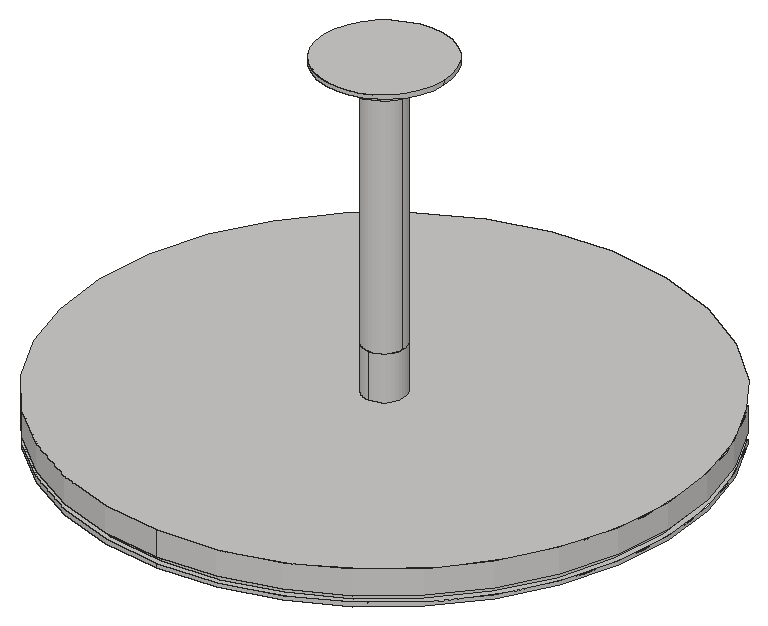
Revit family "060A", category Generic Models, Revit 2021
Family settings
  Can host rebar = No
  Round Connector Dimension = Use Diameter
  Part Type = Normal
  Work Plane-Based = No
  Always vertical = Yes
  Cut with Voids When Loaded = No
  Shared = No
  Room Calculation Point = No
Parameters (values of type "Standard")
  e-mail = "info@vola.com"
  URL = "http://vola.com"
  Telephone = "+45 7023 5500"
  Quality management standard = "ISO 9001"
  Organisation no. / DUNS no. = "17531328"
  Occupational health and safety management standard = "ISO 18001"
  Mounting Instructions = "http://vola.com/service/producturl.ashx?name=060A"
  Model = "060A"
  Materials and components information = "http://vola.com/service/producturl.ashx?name=060A"
  Manufacturer = "VOLA A/S"
  Maintenance Instructions = "http://vola.com/service/producturl.ashx?name=060A"
  Guarantee = "2 years"
  Flow = "22,00 l/min"
  Environmental management standard = "ISO 14000"
  Default Elevation = 0.00 mm
  Connection - All relevant connections = ""
  Approvals = "http://vola.com/service/producturl.ashx?name=060A"
Reference planes
  plane 1 "Center (Front/Back)": y = 0
  plane 2: z = 0
  plane 3 "Center (Left/Right)": x = 0
Forms (mm)
  Extrusion 1, solid, material "Stainless Steel"
    sketch origin (0, 0, -9.5) x (0, 1, 0) y (1, 0, 0)
      loop
        circle (0, 0) r 9.5
    from 0 to 118.5
  Extrusion 2, solid, material "Stainless Steel"
    sketch origin (-450, 0, -128) x (-1, 0, 0) y (0, 1, 0)
      loop
        circle (-450, 0) r 8.5
    from 0 to 0.2
  Extrusion 3, solid, material "Stainless Steel"
    sketch origin (-450, 0, -128.2) x (0, -1, 0) y (-1, 0, 0)
      loop
        circle (0, -450) r 9.5
    from 0 to 21.8
  Extrusion 4, solid, material "Stainless Steel"
    sketch origin (-450, 0, -150) x (1, 0, 0) y (0, -1, 0)
      loop
        circle (450, 0) r 143
    from 0 to 12
  Extrusion 5, solid, material "Stainless Steel"
    sketch origin (-450, 0, -162) x (0, 1, 0) y (1, 0, 0)
      loop
        circle (0, 450) r 140
    from 0 to 3
  Extrusion 6, solid, material "Stainless Steel"
    sketch origin (-450, 0, -165) x (-1, 0, 0) y (0, 1, 0)
      loop
        circle (-450, 0) r 143
    from 0 to 2
  Extrusion 7, solid, material "Stainless Steel"
    sketch origin (0, 0, -2) x (1, 0, 0) y (0, 1, 0)
      loop
        circle (0, 0) r 18
    from 0 to -7.5
  Extrusion 8, solid, material "Stainless Steel"
    sketch origin (0, 0, -2) x (1, 0, 0) y (0, 1, 0)
      loop
        circle (0, 0) r 30
    from 0 to 2
Dimensions and locks
  aligned and locked: plane 2 to level
Nested families
  nested 1: "Shower Detail Lines" at (0, 0, -167) x (0, 1, 0) z (0, 0, 1), type "Shower Detail Lines"
Definition of nested family "Shower Detail Lines"
  Parameters
    Default Elevation = 1219.20 mm
  Reference planes
    plane 1 "Center (Front/Back)": y = 0
    plane 2: z = 0
    plane 3 "Center (Left/Right)": x = 0
  Lines and regions (mm)
    model lines
      curve 1: line (-2, -24, 0) -> (2, -24, 0)
      curve 2: line (-2, -130, 0) -> (-2, -24, 0)
      curve 3: line (2, -130, 0) -> (-2, -130, 0)
      curve 4: line (2, -24, 0) -> (2, -130, 0)
      curve 5: circle (0, -27.479, 0) r 1.5 normal (0, 0, 1)
      curve 6: circle (0, -27.479, 0) r 0.5 normal (0, 0, 1)
      curve 7: circle (0, -36.479, 0) r 1.5 normal (0, 0, 1)
      curve 8: circle (0, -36.479, 0) r 0.5 normal (0, 0, 1)
      curve 9: circle (0, -45.479, 0) r 1.5 normal (0, 0, 1)
      curve 10: circle (0, -45.479, 0) r 0.5 normal (0, 0, 1)
      curve 11: circle (0, -54.479, 0) r 1.5 normal (0, 0, 1)
      curve 12: circle (0, -54.479, 0) r 0.5 normal (0, 0, 1)
      curve 13: circle (0, -63.479, 0) r 1.5 normal (0, 0, 1)
      curve 14: circle (0, -63.479, 0) r 0.5 normal (0, 0, 1)
      curve 15: circle (0, -72.479, 0) r 1.5 normal (0, 0, 1)
      curve 16: circle (0, -72.479, 0) r 0.5 normal (0, 0, 1)
      curve 17: circle (0, -81.479, 0) r 1.5 normal (0, 0, 1)
      curve 18: circle (0, -81.479, 0) r 0.5 normal (0, 0, 1)
      curve 19: circle (0, -90.479, 0) r 1.5 normal (0, 0, 1)
      curve 20: circle (0, -90.479, 0) r 0.5 normal (0, 0, 1)
      curve 21: circle (0, -99.479, 0) r 1.5 normal (0, 0, 1)
      curve 22: circle (0, -99.479, 0) r 0.5 normal (0, 0, 1)
      curve 23: circle (0, -108.479, 0) r 1.5 normal (0, 0, 1)
      curve 24: circle (0, -108.479, 0) r 0.5 normal (0, 0, 1)
      curve 25: circle (0, -117.479, 0) r 1.5 normal (0, 0, 1)
      curve 26: circle (0, -117.479, 0) r 0.5 normal (0, 0, 1)
      curve 27: circle (0, -126.479, 0) r 1.5 normal (0, 0, 1)
      curve 28: circle (0, -126.479, 0) r 0.5 normal (0, 0, 1)
      curve 29: line (6.329, -23.237, 0) -> (10.088, -21.869, 0)
      curve 30: line (42.583, -122.844, 0) -> (6.329, -23.237, 0)
      curve 31: line (46.342, -121.476, 0) -> (42.583, -122.844, 0)
      curve 32: line (10.088, -21.869, 0) -> (46.342, -121.476, 0)
      curve 33: circle (9.398, -25.822, 0) r 1.5 normal (0, 0, 1)
      curve 34: circle (9.398, -25.822, 0) r 0.5 normal (0, 0, 1)
      curve 35: circle (12.477, -34.279, 0) r 1.5 normal (0, 0, 1)
      curve 36: circle (12.477, -34.279, 0) r 0.5 normal (0, 0, 1)
      curve 37: circle (15.555, -42.736, 0) r 1.5 normal (0, 0, 1)
      curve 38: circle (15.555, -42.736, 0) r 0.5 normal (0, 0, 1)
      curve 39: circle (18.633, -51.193, 0) r 1.5 normal (0, 0, 1)
      curve 40: circle (18.633, -51.193, 0) r 0.5 normal (0, 0, 1)
      curve 41: circle (21.711, -59.651, 0) r 1.5 normal (0, 0, 1)
      curve 42: circle (21.711, -59.651, 0) r 0.5 normal (0, 0, 1)
      curve 43: circle (24.789, -68.108, 0) r 1.5 normal (0, 0, 1)
      curve 44: circle (24.789, -68.108, 0) r 0.5 normal (0, 0, 1)
      curve 45: circle (27.867, -76.565, 0) r 1.5 normal (0, 0, 1)
      curve 46: circle (27.867, -76.565, 0) r 0.5 normal (0, 0, 1)
      curve 47: circle (30.946, -85.022, 0) r 1.5 normal (0, 0, 1)
      curve 48: circle (30.946, -85.022, 0) r 0.5 normal (0, 0, 1)
      curve 49: circle (34.024, -93.48, 0) r 1.5 normal (0, 0, 1)
      curve 50: circle (34.024, -93.48, 0) r 0.5 normal (0, 0, 1)
      curve 51: circle (37.102, -101.937, 0) r 1.5 normal (0, 0, 1)
      curve 52: circle (37.102, -101.937, 0) r 0.5 normal (0, 0, 1)
      curve 53: circle (40.18, -110.394, 0) r 1.5 normal (0, 0, 1)
      curve 54: circle (40.18, -110.394, 0) r 0.5 normal (0, 0, 1)
      curve 55: circle (43.258, -118.851, 0) r 1.5 normal (0, 0, 1)
      curve 56: circle (43.258, -118.851, 0) r 0.5 normal (0, 0, 1)
      curve 57: line (13.895, -19.671, 0) -> (16.959, -17.099, 0)
      curve 58: line (82.03, -100.871, 0) -> (13.895, -19.671, 0)
      curve 59: line (85.094, -98.3, 0) -> (82.03, -100.871, 0)
      curve 60: line (16.959, -17.099, 0) -> (85.094, -98.3, 0)
      curve 61: circle (17.663, -21.05, 0) r 1.5 normal (0, 0, 1)
      curve 62: circle (17.663, -21.05, 0) r 0.5 normal (0, 0, 1)
      curve 63: circle (23.448, -27.944, 0) r 1.5 normal (0, 0, 1)
      curve 64: circle (23.448, -27.944, 0) r 0.5 normal (0, 0, 1)
      curve 65: circle (29.233, -34.839, 0) r 1.5 normal (0, 0, 1)
      curve 66: circle (29.233, -34.839, 0) r 0.5 normal (0, 0, 1)
      curve 67: circle (35.018, -41.733, 0) r 1.5 normal (0, 0, 1)
      curve 68: circle (35.018, -41.733, 0) r 0.5 normal (0, 0, 1)
      curve 69: circle (40.803, -48.628, 0) r 1.5 normal (0, 0, 1)
      curve 70: circle (40.803, -48.628, 0) r 0.5 normal (0, 0, 1)
      curve 71: circle (46.589, -55.522, 0) r 1.5 normal (0, 0, 1)
      curve 72: circle (46.589, -55.522, 0) r 0.5 normal (0, 0, 1)
      curve 73: circle (52.374, -62.416, 0) r 1.5 normal (0, 0, 1)
      curve 74: circle (52.374, -62.416, 0) r 0.5 normal (0, 0, 1)
      curve 75: circle (58.159, -69.311, 0) r 1.5 normal (0, 0, 1)
      curve 76: circle (58.159, -69.311, 0) r 0.5 normal (0, 0, 1)
      curve 77: circle (63.944, -76.205, 0) r 1.5 normal (0, 0, 1)
      curve 78: circle (63.944, -76.205, 0) r 0.5 normal (0, 0, 1)
      curve 79: circle (69.729, -83.1, 0) r 1.5 normal (0, 0, 1)
      curve 80: circle (69.729, -83.1, 0) r 0.5 normal (0, 0, 1)
      curve 81: circle (75.514, -89.994, 0) r 1.5 normal (0, 0, 1)
      curve 82: circle (75.514, -89.994, 0) r 0.5 normal (0, 0, 1)
      curve 83: circle (81.299, -96.888, 0) r 1.5 normal (0, 0, 1)
      curve 84: circle (81.299, -96.888, 0) r 0.5 normal (0, 0, 1)
      curve 85: line (19.785, -13.732, 0) -> (21.785, -10.268, 0)
      curve 86: line (111.583, -66.732, 0) -> (19.785, -13.732, 0)
      curve 87: line (113.583, -63.268, 0) -> (111.583, -66.732, 0)
      curve 88: line (21.785, -10.268, 0) -> (113.583, -63.268, 0)
      curve 89: circle (23.797, -13.739, 0) r 1.5 normal (0, 0, 1)
      curve 90: circle (23.797, -13.739, 0) r 0.5 normal (0, 0, 1)
      curve 91: circle (31.592, -18.239, 0) r 1.5 normal (0, 0, 1)
      curve 92: circle (31.592, -18.239, 0) r 0.5 normal (0, 0, 1)
      curve 93: circle (39.386, -22.739, 0) r 1.5 normal (0, 0, 1)
      curve 94: circle (39.386, -22.739, 0) r 0.5 normal (0, 0, 1)
      curve 95: circle (47.18, -27.239, 0) r 1.5 normal (0, 0, 1)
      curve 96: circle (47.18, -27.239, 0) r 0.5 normal (0, 0, 1)
      curve 97: circle (54.974, -31.739, 0) r 1.5 normal (0, 0, 1)
      curve 98: circle (54.974, -31.739, 0) r 0.5 normal (0, 0, 1)
      curve 99: circle (62.769, -36.239, 0) r 1.5 normal (0, 0, 1)
      curve 100: circle (62.769, -36.239, 0) r 0.5 normal (0, 0, 1)
      curve 101: circle (70.563, -40.739, 0) r 1.5 normal (0, 0, 1)
      curve 102: circle (70.563, -40.739, 0) r 0.5 normal (0, 0, 1)
      curve 103: circle (78.357, -45.239, 0) r 1.5 normal (0, 0, 1)
      curve 104: circle (78.357, -45.239, 0) r 0.5 normal (0, 0, 1)
      curve 105: circle (86.151, -49.739, 0) r 1.5 normal (0, 0, 1)
      curve 106: circle (86.151, -49.739, 0) r 0.5 normal (0, 0, 1)
      curve 107: circle (93.945, -54.239, 0) r 1.5 normal (0, 0, 1)
      curve 108: circle (93.945, -54.239, 0) r 0.5 normal (0, 0, 1)
      curve 109: circle (101.74, -58.739, 0) r 1.5 normal (0, 0, 1)
      curve 110: circle (101.74, -58.739, 0) r 0.5 normal (0, 0, 1)
      curve 111: circle (109.534, -63.239, 0) r 1.5 normal (0, 0, 1)
      curve 112: circle (109.534, -63.239, 0) r 0.5 normal (0, 0, 1)
      curve 113: line (23.288, -6.137, 0) -> (23.983, -2.198, 0)
      curve 114: line (127.678, -24.544, 0) -> (23.288, -6.137, 0)
      curve 115: line (128.372, -20.605, 0) -> (127.678, -24.544, 0)
      curve 116: line (23.983, -2.198, 0) -> (128.372, -20.605, 0)
      curve 117: circle (27.061, -4.772, 0) r 1.5 normal (0, 0, 1)
      curve 118: circle (27.061, -4.772, 0) r 0.5 normal (0, 0, 1)
      curve 119: circle (35.925, -6.334, 0) r 1.5 normal (0, 0, 1)
      curve 120: circle (35.925, -6.334, 0) r 0.5 normal (0, 0, 1)
      curve 121: circle (44.788, -7.897, 0) r 1.5 normal (0, 0, 1)
      curve 122: circle (44.788, -7.897, 0) r 0.5 normal (0, 0, 1)
      curve 123: circle (53.651, -9.46, 0) r 1.5 normal (0, 0, 1)
      curve 124: circle (53.651, -9.46, 0) r 0.5 normal (0, 0, 1)
      curve 125: circle (62.514, -11.023, 0) r 1.5 normal (0, 0, 1)
      curve 126: circle (62.514, -11.023, 0) r 0.5 normal (0, 0, 1)
      curve 127: circle (71.378, -12.586, 0) r 1.5 normal (0, 0, 1)
      curve 128: circle (71.378, -12.586, 0) r 0.5 normal (0, 0, 1)
      curve 129: circle (80.241, -14.149, 0) r 1.5 normal (0, 0, 1)
      curve 130: circle (80.241, -14.149, 0) r 0.5 normal (0, 0, 1)
      curve 131: circle (89.104, -15.711, 0) r 1.5 normal (0, 0, 1)
      curve 132: circle (89.104, -15.711, 0) r 0.5 normal (0, 0, 1)
      curve 133: circle (97.968, -17.274, 0) r 1.5 normal (0, 0, 1)
      curve 134: circle (97.968, -17.274, 0) r 0.5 normal (0, 0, 1)
      curve 135: circle (106.831, -18.837, 0) r 1.5 normal (0, 0, 1)
      curve 136: circle (106.831, -18.837, 0) r 0.5 normal (0, 0, 1)
      curve 137: circle (115.694, -20.4, 0) r 1.5 normal (0, 0, 1)
      curve 138: circle (115.694, -20.4, 0) r 0.5 normal (0, 0, 1)
      curve 139: circle (124.557, -21.963, 0) r 1.5 normal (0, 0, 1)
      curve 140: circle (124.557, -21.963, 0) r 0.5 normal (0, 0, 1)
      curve 141: line (23.983, 2.198, 0) -> (23.288, 6.137, 0)
      curve 142: line (128.372, 20.605, 0) -> (23.983, 2.198, 0)
      curve 143: line (127.678, 24.544, 0) -> (128.372, 20.605, 0)
      curve 144: line (23.288, 6.137, 0) -> (127.678, 24.544, 0)
      curve 145: circle (27.061, 4.772, 0) r 1.5 normal (0, 0, 1)
      curve 146: circle (27.061, 4.772, 0) r 0.5 normal (0, 0, 1)
      curve 147: circle (35.925, 6.334, 0) r 1.5 normal (0, 0, 1)
      curve 148: circle (35.925, 6.334, 0) r 0.5 normal (0, 0, 1)
      curve 149: circle (44.788, 7.897, 0) r 1.5 normal (0, 0, 1)
      curve 150: circle (44.788, 7.897, 0) r 0.5 normal (0, 0, 1)
      curve 151: circle (53.651, 9.46, 0) r 1.5 normal (0, 0, 1)
      curve 152: circle (53.651, 9.46, 0) r 0.5 normal (0, 0, 1)
      curve 153: circle (62.514, 11.023, 0) r 1.5 normal (0, 0, 1)
      curve 154: circle (62.514, 11.023, 0) r 0.5 normal (0, 0, 1)
      curve 155: circle (71.378, 12.586, 0) r 1.5 normal (0, 0, 1)
      curve 156: circle (71.378, 12.586, 0) r 0.5 normal (0, 0, 1)
      curve 157: circle (80.241, 14.149, 0) r 1.5 normal (0, 0, 1)
      curve 158: circle (80.241, 14.149, 0) r 0.5 normal (0, 0, 1)
      curve 159: circle (89.104, 15.711, 0) r 1.5 normal (0, 0, 1)
      curve 160: circle (89.104, 15.711, 0) r 0.5 normal (0, 0, 1)
      curve 161: circle (97.968, 17.274, 0) r 1.5 normal (0, 0, 1)
      curve 162: circle (97.968, 17.274, 0) r 0.5 normal (0, 0, 1)
      curve 163: circle (106.831, 18.837, 0) r 1.5 normal (0, 0, 1)
      curve 164: circle (106.831, 18.837, 0) r 0.5 normal (0, 0, 1)
      curve 165: circle (115.694, 20.4, 0) r 1.5 normal (0, 0, 1)
      curve 166: circle (115.694, 20.4, 0) r 0.5 normal (0, 0, 1)
      curve 167: circle (124.557, 21.963, 0) r 1.5 normal (0, 0, 1)
      curve 168: circle (124.557, 21.963, 0) r 0.5 normal (0, 0, 1)
      curve 169: line (21.785, 10.268, 0) -> (19.785, 13.732, 0)
      curve 170: line (113.583, 63.268, 0) -> (21.785, 10.268, 0)
      curve 171: line (111.583, 66.732, 0) -> (113.583, 63.268, 0)
      curve 172: line (19.785, 13.732, 0) -> (111.583, 66.732, 0)
      curve 173: circle (23.797, 13.739, 0) r 1.5 normal (0, 0, 1)
      curve 174: circle (23.797, 13.739, 0) r 0.5 normal (0, 0, 1)
      curve 175: circle (31.592, 18.239, 0) r 1.5 normal (0, 0, 1)
      curve 176: circle (31.592, 18.239, 0) r 0.5 normal (0, 0, 1)
      curve 177: circle (39.386, 22.739, 0) r 1.5 normal (0, 0, 1)
      curve 178: circle (39.386, 22.739, 0) r 0.5 normal (0, 0, 1)
      curve 179: circle (47.18, 27.239, 0) r 1.5 normal (0, 0, 1)
      curve 180: circle (47.18, 27.239, 0) r 0.5 normal (0, 0, 1)
      curve 181: circle (54.974, 31.739, 0) r 1.5 normal (0, 0, 1)
      curve 182: circle (54.974, 31.739, 0) r 0.5 normal (0, 0, 1)
      curve 183: circle (62.769, 36.239, 0) r 1.5 normal (0, 0, 1)
      curve 184: circle (62.769, 36.239, 0) r 0.5 normal (0, 0, 1)
      curve 185: circle (70.563, 40.739, 0) r 1.5 normal (0, 0, 1)
      curve 186: circle (70.563, 40.739, 0) r 0.5 normal (0, 0, 1)
      curve 187: circle (78.357, 45.239, 0) r 1.5 normal (0, 0, 1)
      curve 188: circle (78.357, 45.239, 0) r 0.5 normal (0, 0, 1)
      curve 189: circle (86.151, 49.739, 0) r 1.5 normal (0, 0, 1)
      curve 190: circle (86.151, 49.739, 0) r 0.5 normal (0, 0, 1)
      curve 191: circle (93.945, 54.239, 0) r 1.5 normal (0, 0, 1)
      curve 192: circle (93.945, 54.239, 0) r 0.5 normal (0, 0, 1)
      curve 193: circle (101.74, 58.739, 0) r 1.5 normal (0, 0, 1)
      curve 194: circle (101.74, 58.739, 0) r 0.5 normal (0, 0, 1)
      curve 195: circle (109.534, 63.239, 0) r 1.5 normal (0, 0, 1)
      curve 196: circle (109.534, 63.239, 0) r 0.5 normal (0, 0, 1)
      curve 197: line (16.959, 17.099, 0) -> (13.895, 19.671, 0)
      curve 198: line (85.094, 98.3, 0) -> (16.959, 17.099, 0)
      curve 199: line (82.03, 100.871, 0) -> (85.094, 98.3, 0)
      curve 200: line (13.895, 19.671, 0) -> (82.03, 100.871, 0)
      curve 201: circle (17.663, 21.05, 0) r 1.5 normal (0, 0, 1)
      curve 202: circle (17.663, 21.05, 0) r 0.5 normal (0, 0, 1)
      curve 203: circle (23.448, 27.944, 0) r 1.5 normal (0, 0, 1)
      curve 204: circle (23.448, 27.944, 0) r 0.5 normal (0, 0, 1)
      curve 205: circle (29.233, 34.839, 0) r 1.5 normal (0, 0, 1)
      curve 206: circle (29.233, 34.839, 0) r 0.5 normal (0, 0, 1)
      curve 207: circle (35.018, 41.733, 0) r 1.5 normal (0, 0, 1)
      curve 208: circle (35.018, 41.733, 0) r 0.5 normal (0, 0, 1)
      curve 209: circle (40.803, 48.628, 0) r 1.5 normal (0, 0, 1)
      curve 210: circle (40.803, 48.628, 0) r 0.5 normal (0, 0, 1)
      curve 211: circle (46.589, 55.522, 0) r 1.5 normal (0, 0, 1)
      curve 212: circle (46.589, 55.522, 0) r 0.5 normal (0, 0, 1)
      curve 213: circle (52.374, 62.416, 0) r 1.5 normal (0, 0, 1)
      curve 214: circle (52.374, 62.416, 0) r 0.5 normal (0, 0, 1)
      curve 215: circle (58.159, 69.311, 0) r 1.5 normal (0, 0, 1)
      curve 216: circle (58.159, 69.311, 0) r 0.5 normal (0, 0, 1)
      curve 217: circle (63.944, 76.205, 0) r 1.5 normal (0, 0, 1)
      curve 218: circle (63.944, 76.205, 0) r 0.5 normal (0, 0, 1)
      curve 219: circle (69.729, 83.1, 0) r 1.5 normal (0, 0, 1)
      curve 220: circle (69.729, 83.1, 0) r 0.5 normal (0, 0, 1)
      curve 221: circle (75.514, 89.994, 0) r 1.5 normal (0, 0, 1)
      curve 222: circle (75.514, 89.994, 0) r 0.5 normal (0, 0, 1)
      curve 223: circle (81.299, 96.888, 0) r 1.5 normal (0, 0, 1)
      curve 224: circle (81.299, 96.888, 0) r 0.5 normal (0, 0, 1)
      curve 225: line (10.088, 21.869, 0) -> (6.329, 23.237, 0)
      curve 226: line (46.342, 121.476, 0) -> (10.088, 21.869, 0)
      curve 227: line (42.583, 122.844, 0) -> (46.342, 121.476, 0)
      curve 228: line (6.329, 23.237, 0) -> (42.583, 122.844, 0)
      curve 229: circle (9.398, 25.822, 0) r 1.5 normal (0, 0, 1)
      curve 230: circle (9.398, 25.822, 0) r 0.5 normal (0, 0, 1)
      curve 231: circle (12.477, 34.279, 0) r 1.5 normal (0, 0, 1)
      curve 232: circle (12.477, 34.279, 0) r 0.5 normal (0, 0, 1)
      curve 233: circle (15.555, 42.736, 0) r 1.5 normal (0, 0, 1)
      curve 234: circle (15.555, 42.736, 0) r 0.5 normal (0, 0, 1)
      curve 235: circle (18.633, 51.193, 0) r 1.5 normal (0, 0, 1)
      curve 236: circle (18.633, 51.193, 0) r 0.5 normal (0, 0, 1)
      curve 237: circle (21.711, 59.651, 0) r 1.5 normal (0, 0, 1)
      curve 238: circle (21.711, 59.651, 0) r 0.5 normal (0, 0, 1)
      curve 239: circle (24.789, 68.108, 0) r 1.5 normal (0, 0, 1)
      curve 240: circle (24.789, 68.108, 0) r 0.5 normal (0, 0, 1)
      curve 241: circle (27.867, 76.565, 0) r 1.5 normal (0, 0, 1)
      curve 242: circle (27.867, 76.565, 0) r 0.5 normal (0, 0, 1)
      curve 243: circle (30.946, 85.022, 0) r 1.5 normal (0, 0, 1)
      curve 244: circle (30.946, 85.022, 0) r 0.5 normal (0, 0, 1)
      curve 245: circle (34.024, 93.48, 0) r 1.5 normal (0, 0, 1)
      curve 246: circle (34.024, 93.48, 0) r 0.5 normal (0, 0, 1)
      curve 247: circle (37.102, 101.937, 0) r 1.5 normal (0, 0, 1)
      curve 248: circle (37.102, 101.937, 0) r 0.5 normal (0, 0, 1)
      curve 249: circle (40.18, 110.394, 0) r 1.5 normal (0, 0, 1)
      curve 250: circle (40.18, 110.394, 0) r 0.5 normal (0, 0, 1)
      curve 251: circle (43.258, 118.851, 0) r 1.5 normal (0, 0, 1)
      curve 252: circle (43.258, 118.851, 0) r 0.5 normal (0, 0, 1)
      curve 253: line (2, 24, 0) -> (-2, 24, 0)
      curve 254: line (2, 130, 0) -> (2, 24, 0)
      curve 255: line (-2, 130, 0) -> (2, 130, 0)
      curve 256: line (-2, 24, 0) -> (-2, 130, 0)
      curve 257: circle (0, 27.479, 0) r 1.5 normal (0, 0, 1)
      curve 258: circle (0, 27.479, 0) r 0.5 normal (0, 0, 1)
      curve 259: circle (0, 36.479, 0) r 1.5 normal (0, 0, 1)
      curve 260: circle (0, 36.479, 0) r 0.5 normal (0, 0, 1)
      curve 261: circle (0, 45.479, 0) r 1.5 normal (0, 0, 1)
      curve 262: circle (0, 45.479, 0) r 0.5 normal (0, 0, 1)
      curve 263: circle (0, 54.479, 0) r 1.5 normal (0, 0, 1)
      curve 264: circle (0, 54.479, 0) r 0.5 normal (0, 0, 1)
      curve 265: circle (0, 63.479, 0) r 1.5 normal (0, 0, 1)
      curve 266: circle (0, 63.479, 0) r 0.5 normal (0, 0, 1)
      curve 267: circle (0, 72.479, 0) r 1.5 normal (0, 0, 1)
      curve 268: circle (0, 72.479, 0) r 0.5 normal (0, 0, 1)
      curve 269: circle (0, 81.479, 0) r 1.5 normal (0, 0, 1)
      curve 270: circle (0, 81.479, 0) r 0.5 normal (0, 0, 1)
      curve 271: circle (0, 90.479, 0) r 1.5 normal (0, 0, 1)
      curve 272: circle (0, 90.479, 0) r 0.5 normal (0, 0, 1)
      curve 273: circle (0, 99.479, 0) r 1.5 normal (0, 0, 1)
      curve 274: circle (0, 99.479, 0) r 0.5 normal (0, 0, 1)
      curve 275: circle (0, 108.479, 0) r 1.5 normal (0, 0, 1)
      curve 276: circle (0, 108.479, 0) r 0.5 normal (0, 0, 1)
      curve 277: circle (0, 117.479, 0) r 1.5 normal (0, 0, 1)
      curve 278: circle (0, 117.479, 0) r 0.5 normal (0, 0, 1)
      curve 279: circle (0, 126.479, 0) r 1.5 normal (0, 0, 1)
      curve 280: circle (0, 126.479, 0) r 0.5 normal (0, 0, 1)
      curve 281: line (-6.329, 23.237, 0) -> (-10.088, 21.869, 0)
      curve 282: line (-42.583, 122.844, 0) -> (-6.329, 23.237, 0)
      curve 283: line (-46.342, 121.476, 0) -> (-42.583, 122.844, 0)
      curve 284: line (-10.088, 21.869, 0) -> (-46.342, 121.476, 0)
      curve 285: circle (-9.398, 25.822, 0) r 1.5 normal (0, 0, 1)
      curve 286: circle (-9.398, 25.822, 0) r 0.5 normal (0, 0, 1)
      curve 287: circle (-12.477, 34.279, 0) r 1.5 normal (0, 0, 1)
      curve 288: circle (-12.477, 34.279, 0) r 0.5 normal (0, 0, 1)
      curve 289: circle (-15.555, 42.736, 0) r 1.5 normal (0, 0, 1)
      curve 290: circle (-15.555, 42.736, 0) r 0.5 normal (0, 0, 1)
      curve 291: circle (-18.633, 51.193, 0) r 1.5 normal (0, 0, 1)
      curve 292: circle (-18.633, 51.193, 0) r 0.5 normal (0, 0, 1)
      curve 293: circle (-21.711, 59.651, 0) r 1.5 normal (0, 0, 1)
      curve 294: circle (-21.711, 59.651, 0) r 0.5 normal (0, 0, 1)
      curve 295: circle (-24.789, 68.108, 0) r 1.5 normal (0, 0, 1)
      curve 296: circle (-24.789, 68.108, 0) r 0.5 normal (0, 0, 1)
      curve 297: circle (-27.867, 76.565, 0) r 1.5 normal (0, 0, 1)
      curve 298: circle (-27.867, 76.565, 0) r 0.5 normal (0, 0, 1)
      curve 299: circle (-30.946, 85.022, 0) r 1.5 normal (0, 0, 1)
      curve 300: circle (-30.946, 85.022, 0) r 0.5 normal (0, 0, 1)
      curve 301: circle (-34.024, 93.48, 0) r 1.5 normal (0, 0, 1)
      curve 302: circle (-34.024, 93.48, 0) r 0.5 normal (0, 0, 1)
      curve 303: circle (-37.102, 101.937, 0) r 1.5 normal (0, 0, 1)
      curve 304: circle (-37.102, 101.937, 0) r 0.5 normal (0, 0, 1)
      curve 305: circle (-40.18, 110.394, 0) r 1.5 normal (0, 0, 1)
      curve 306: circle (-40.18, 110.394, 0) r 0.5 normal (0, 0, 1)
      curve 307: circle (-43.258, 118.851, 0) r 1.5 normal (0, 0, 1)
      curve 308: circle (-43.258, 118.851, 0) r 0.5 normal (0, 0, 1)
      curve 309: line (-13.895, 19.671, 0) -> (-16.959, 17.099, 0)
      curve 310: line (-82.03, 100.871, 0) -> (-13.895, 19.671, 0)
      curve 311: line (-85.094, 98.3, 0) -> (-82.03, 100.871, 0)
      curve 312: line (-16.959, 17.099, 0) -> (-85.094, 98.3, 0)
      curve 313: circle (-17.663, 21.05, 0) r 1.5 normal (0, 0, 1)
      curve 314: circle (-17.663, 21.05, 0) r 0.5 normal (0, 0, 1)
      curve 315: circle (-23.448, 27.944, 0) r 1.5 normal (0, 0, 1)
      curve 316: circle (-23.448, 27.944, 0) r 0.5 normal (0, 0, 1)
      curve 317: circle (-29.233, 34.839, 0) r 1.5 normal (0, 0, 1)
      curve 318: circle (-29.233, 34.839, 0) r 0.5 normal (0, 0, 1)
      curve 319: circle (-35.018, 41.733, 0) r 1.5 normal (0, 0, 1)
      curve 320: circle (-35.018, 41.733, 0) r 0.5 normal (0, 0, 1)
      curve 321: circle (-40.803, 48.628, 0) r 1.5 normal (0, 0, 1)
      curve 322: circle (-40.803, 48.628, 0) r 0.5 normal (0, 0, 1)
      curve 323: circle (-46.589, 55.522, 0) r 1.5 normal (0, 0, 1)
      curve 324: circle (-46.589, 55.522, 0) r 0.5 normal (0, 0, 1)
      curve 325: circle (-52.374, 62.416, 0) r 1.5 normal (0, 0, 1)
      curve 326: circle (-52.374, 62.416, 0) r 0.5 normal (0, 0, 1)
      curve 327: circle (-58.159, 69.311, 0) r 1.5 normal (0, 0, 1)
      curve 328: circle (-58.159, 69.311, 0) r 0.5 normal (0, 0, 1)
      curve 329: circle (-63.944, 76.205, 0) r 1.5 normal (0, 0, 1)
      curve 330: circle (-63.944, 76.205, 0) r 0.5 normal (0, 0, 1)
      curve 331: circle (-69.729, 83.1, 0) r 1.5 normal (0, 0, 1)
      curve 332: circle (-69.729, 83.1, 0) r 0.5 normal (0, 0, 1)
      curve 333: circle (-75.514, 89.994, 0) r 1.5 normal (0, 0, 1)
      curve 334: circle (-75.514, 89.994, 0) r 0.5 normal (0, 0, 1)
      curve 335: circle (-81.299, 96.888, 0) r 1.5 normal (0, 0, 1)
      curve 336: circle (-81.299, 96.888, 0) r 0.5 normal (0, 0, 1)
      curve 337: line (-19.785, 13.732, 0) -> (-21.785, 10.268, 0)
      curve 338: line (-111.583, 66.732, 0) -> (-19.785, 13.732, 0)
      curve 339: line (-113.583, 63.268, 0) -> (-111.583, 66.732, 0)
      curve 340: line (-21.785, 10.268, 0) -> (-113.583, 63.268, 0)
      curve 341: circle (-23.797, 13.739, 0) r 1.5 normal (0, 0, 1)
      curve 342: circle (-23.797, 13.739, 0) r 0.5 normal (0, 0, 1)
      curve 343: circle (-31.592, 18.239, 0) r 1.5 normal (0, 0, 1)
      curve 344: circle (-31.592, 18.239, 0) r 0.5 normal (0, 0, 1)
      curve 345: circle (-39.386, 22.739, 0) r 1.5 normal (0, 0, 1)
      curve 346: circle (-39.386, 22.739, 0) r 0.5 normal (0, 0, 1)
      curve 347: circle (-47.18, 27.239, 0) r 1.5 normal (0, 0, 1)
      curve 348: circle (-47.18, 27.239, 0) r 0.5 normal (0, 0, 1)
      curve 349: circle (-54.974, 31.739, 0) r 1.5 normal (0, 0, 1)
      curve 350: circle (-54.974, 31.739, 0) r 0.5 normal (0, 0, 1)
      curve 351: circle (-62.769, 36.239, 0) r 1.5 normal (0, 0, 1)
      curve 352: circle (-62.769, 36.239, 0) r 0.5 normal (0, 0, 1)
      curve 353: circle (-70.563, 40.739, 0) r 1.5 normal (0, 0, 1)
      curve 354: circle (-70.563, 40.739, 0) r 0.5 normal (0, 0, 1)
      curve 355: circle (-78.357, 45.239, 0) r 1.5 normal (0, 0, 1)
      curve 356: circle (-78.357, 45.239, 0) r 0.5 normal (0, 0, 1)
      curve 357: circle (-86.151, 49.739, 0) r 1.5 normal (0, 0, 1)
      curve 358: circle (-86.151, 49.739, 0) r 0.5 normal (0, 0, 1)
      curve 359: circle (-93.945, 54.239, 0) r 1.5 normal (0, 0, 1)
      curve 360: circle (-93.945, 54.239, 0) r 0.5 normal (0, 0, 1)
      curve 361: circle (-101.74, 58.739, 0) r 1.5 normal (0, 0, 1)
      curve 362: circle (-101.74, 58.739, 0) r 0.5 normal (0, 0, 1)
      curve 363: circle (-109.534, 63.239, 0) r 1.5 normal (0, 0, 1)
      curve 364: circle (-109.534, 63.239, 0) r 0.5 normal (0, 0, 1)
      curve 365: line (-23.288, 6.137, 0) -> (-23.983, 2.198, 0)
      curve 366: line (-127.678, 24.544, 0) -> (-23.288, 6.137, 0)
      curve 367: line (-128.372, 20.605, 0) -> (-127.678, 24.544, 0)
      curve 368: line (-23.983, 2.198, 0) -> (-128.372, 20.605, 0)
      curve 369: circle (-27.061, 4.772, 0) r 1.5 normal (0, 0, 1)
      curve 370: circle (-27.061, 4.772, 0) r 0.5 normal (0, 0, 1)
      curve 371: circle (-35.925, 6.334, 0) r 1.5 normal (0, 0, 1)
      curve 372: circle (-35.925, 6.334, 0) r 0.5 normal (0, 0, 1)
      curve 373: circle (-44.788, 7.897, 0) r 1.5 normal (0, 0, 1)
      curve 374: circle (-44.788, 7.897, 0) r 0.5 normal (0, 0, 1)
      curve 375: circle (-53.651, 9.46, 0) r 1.5 normal (0, 0, 1)
      curve 376: circle (-53.651, 9.46, 0) r 0.5 normal (0, 0, 1)
      curve 377: circle (-62.514, 11.023, 0) r 1.5 normal (0, 0, 1)
      curve 378: circle (-62.514, 11.023, 0) r 0.5 normal (0, 0, 1)
      curve 379: circle (-71.378, 12.586, 0) r 1.5 normal (0, 0, 1)
      curve 380: circle (-71.378, 12.586, 0) r 0.5 normal (0, 0, 1)
      curve 381: circle (-80.241, 14.149, 0) r 1.5 normal (0, 0, 1)
      curve 382: circle (-80.241, 14.149, 0) r 0.5 normal (0, 0, 1)
      curve 383: circle (-89.104, 15.711, 0) r 1.5 normal (0, 0, 1)
      curve 384: circle (-89.104, 15.711, 0) r 0.5 normal (0, 0, 1)
      curve 385: circle (-97.968, 17.274, 0) r 1.5 normal (0, 0, 1)
      curve 386: circle (-97.968, 17.274, 0) r 0.5 normal (0, 0, 1)
      curve 387: circle (-106.831, 18.837, 0) r 1.5 normal (0, 0, 1)
      curve 388: circle (-106.831, 18.837, 0) r 0.5 normal (0, 0, 1)
      curve 389: circle (-115.694, 20.4, 0) r 1.5 normal (0, 0, 1)
      curve 390: circle (-115.694, 20.4, 0) r 0.5 normal (0, 0, 1)
      curve 391: circle (-124.557, 21.963, 0) r 1.5 normal (0, 0, 1)
      curve 392: circle (-124.557, 21.963, 0) r 0.5 normal (0, 0, 1)
      curve 393: line (-23.983, -2.198, 0) -> (-23.288, -6.137, 0)
      curve 394: line (-128.372, -20.605, 0) -> (-23.983, -2.198, 0)
      curve 395: line (-127.678, -24.544, 0) -> (-128.372, -20.605, 0)
      curve 396: line (-23.288, -6.137, 0) -> (-127.678, -24.544, 0)
      curve 397: circle (-27.061, -4.772, 0) r 1.5 normal (0, 0, 1)
      curve 398: circle (-27.061, -4.772, 0) r 0.5 normal (0, 0, 1)
      curve 399: circle (-35.925, -6.334, 0) r 1.5 normal (0, 0, 1)
      curve 400: circle (-35.925, -6.334, 0) r 0.5 normal (0, 0, 1)
      curve 401: circle (-44.788, -7.897, 0) r 1.5 normal (0, 0, 1)
      curve 402: circle (-44.788, -7.897, 0) r 0.5 normal (0, 0, 1)
      curve 403: circle (-53.651, -9.46, 0) r 1.5 normal (0, 0, 1)
      curve 404: circle (-53.651, -9.46, 0) r 0.5 normal (0, 0, 1)
      curve 405: circle (-62.514, -11.023, 0) r 1.5 normal (0, 0, 1)
      curve 406: circle (-62.514, -11.023, 0) r 0.5 normal (0, 0, 1)
      curve 407: circle (-71.378, -12.586, 0) r 1.5 normal (0, 0, 1)
      curve 408: circle (-71.378, -12.586, 0) r 0.5 normal (0, 0, 1)
      curve 409: circle (-80.241, -14.149, 0) r 1.5 normal (0, 0, 1)
      curve 410: circle (-80.241, -14.149, 0) r 0.5 normal (0, 0, 1)
      curve 411: circle (-89.104, -15.711, 0) r 1.5 normal (0, 0, 1)
      curve 412: circle (-89.104, -15.711, 0) r 0.5 normal (0, 0, 1)
      curve 413: circle (-97.968, -17.274, 0) r 1.5 normal (0, 0, 1)
      curve 414: circle (-97.968, -17.274, 0) r 0.5 normal (0, 0, 1)
      curve 415: circle (-106.831, -18.837, 0) r 1.5 normal (0, 0, 1)
      curve 416: circle (-106.831, -18.837, 0) r 0.5 normal (0, 0, 1)
      curve 417: circle (-115.694, -20.4, 0) r 1.5 normal (0, 0, 1)
      curve 418: circle (-115.694, -20.4, 0) r 0.5 normal (0, 0, 1)
      curve 419: circle (-124.557, -21.963, 0) r 1.5 normal (0, 0, 1)
      curve 420: circle (-124.557, -21.963, 0) r 0.5 normal (0, 0, 1)
      curve 421: line (-21.785, -10.268, 0) -> (-19.785, -13.732, 0)
      curve 422: line (-113.583, -63.268, 0) -> (-21.785, -10.268, 0)
      curve 423: line (-111.583, -66.732, 0) -> (-113.583, -63.268, 0)
      curve 424: line (-19.785, -13.732, 0) -> (-111.583, -66.732, 0)
      curve 425: circle (-23.797, -13.739, 0) r 1.5 normal (0, 0, 1)
      curve 426: circle (-23.797, -13.739, 0) r 0.5 normal (0, 0, 1)
      curve 427: circle (-31.592, -18.239, 0) r 1.5 normal (0, 0, 1)
      curve 428: circle (-31.592, -18.239, 0) r 0.5 normal (0, 0, 1)
      curve 429: circle (-39.386, -22.739, 0) r 1.5 normal (0, 0, 1)
      curve 430: circle (-39.386, -22.739, 0) r 0.5 normal (0, 0, 1)
      curve 431: circle (-47.18, -27.239, 0) r 1.5 normal (0, 0, 1)
      curve 432: circle (-47.18, -27.239, 0) r 0.5 normal (0, 0, 1)
      curve 433: circle (-54.974, -31.739, 0) r 1.5 normal (0, 0, 1)
      curve 434: circle (-54.974, -31.739, 0) r 0.5 normal (0, 0, 1)
      curve 435: circle (-62.769, -36.239, 0) r 1.5 normal (0, 0, 1)
      curve 436: circle (-62.769, -36.239, 0) r 0.5 normal (0, 0, 1)
      curve 437: circle (-70.563, -40.739, 0) r 1.5 normal (0, 0, 1)
      curve 438: circle (-70.563, -40.739, 0) r 0.5 normal (0, 0, 1)
      curve 439: circle (-78.357, -45.239, 0) r 1.5 normal (0, 0, 1)
      curve 440: circle (-78.357, -45.239, 0) r 0.5 normal (0, 0, 1)
      curve 441: circle (-86.151, -49.739, 0) r 1.5 normal (0, 0, 1)
      curve 442: circle (-86.151, -49.739, 0) r 0.5 normal (0, 0, 1)
      curve 443: circle (-93.945, -54.239, 0) r 1.5 normal (0, 0, 1)
      curve 444: circle (-93.945, -54.239, 0) r 0.5 normal (0, 0, 1)
      curve 445: circle (-101.74, -58.739, 0) r 1.5 normal (0, 0, 1)
      curve 446: circle (-101.74, -58.739, 0) r 0.5 normal (0, 0, 1)
      curve 447: circle (-109.534, -63.239, 0) r 1.5 normal (0, 0, 1)
      curve 448: circle (-109.534, -63.239, 0) r 0.5 normal (0, 0, 1)
      curve 449: line (-16.959, -17.099, 0) -> (-13.895, -19.671, 0)
      curve 450: line (-85.094, -98.3, 0) -> (-16.959, -17.099, 0)
      curve 451: line (-82.03, -100.871, 0) -> (-85.094, -98.3, 0)
      curve 452: line (-13.895, -19.671, 0) -> (-82.03, -100.871, 0)
      curve 453: circle (-17.663, -21.05, 0) r 1.5 normal (0, 0, 1)
      curve 454: circle (-17.663, -21.05, 0) r 0.5 normal (0, 0, 1)
      curve 455: circle (-23.448, -27.944, 0) r 1.5 normal (0, 0, 1)
      curve 456: circle (-23.448, -27.944, 0) r 0.5 normal (0, 0, 1)
      curve 457: circle (-29.233, -34.839, 0) r 1.5 normal (0, 0, 1)
      curve 458: circle (-29.233, -34.839, 0) r 0.5 normal (0, 0, 1)
      curve 459: circle (-35.018, -41.733, 0) r 1.5 normal (0, 0, 1)
      curve 460: circle (-35.018, -41.733, 0) r 0.5 normal (0, 0, 1)
      curve 461: circle (-40.803, -48.628, 0) r 1.5 normal (0, 0, 1)
      curve 462: circle (-40.803, -48.628, 0) r 0.5 normal (0, 0, 1)
      curve 463: circle (-46.589, -55.522, 0) r 1.5 normal (0, 0, 1)
      curve 464: circle (-46.589, -55.522, 0) r 0.5 normal (0, 0, 1)
      curve 465: circle (-52.374, -62.416, 0) r 1.5 normal (0, 0, 1)
      curve 466: circle (-52.374, -62.416, 0) r 0.5 normal (0, 0, 1)
      curve 467: circle (-58.159, -69.311, 0) r 1.5 normal (0, 0, 1)
      curve 468: circle (-58.159, -69.311, 0) r 0.5 normal (0, 0, 1)
      curve 469: circle (-63.944, -76.205, 0) r 1.5 normal (0, 0, 1)
      curve 470: circle (-63.944, -76.205, 0) r 0.5 normal (0, 0, 1)
      curve 471: circle (-69.729, -83.1, 0) r 1.5 normal (0, 0, 1)
      curve 472: circle (-69.729, -83.1, 0) r 0.5 normal (0, 0, 1)
      curve 473: circle (-75.514, -89.994, 0) r 1.5 normal (0, 0, 1)
      curve 474: circle (-75.514, -89.994, 0) r 0.5 normal (0, 0, 1)
      curve 475: circle (-81.299, -96.888, 0) r 1.5 normal (0, 0, 1)
      curve 476: circle (-81.299, -96.888, 0) r 0.5 normal (0, 0, 1)
      curve 477: line (-10.088, -21.869, 0) -> (-6.329, -23.237, 0)
      curve 478: line (-46.342, -121.476, 0) -> (-10.088, -21.869, 0)
      curve 479: line (-42.583, -122.844, 0) -> (-46.342, -121.476, 0)
      curve 480: line (-6.329, -23.237, 0) -> (-42.583, -122.844, 0)
      curve 481: circle (-9.398, -25.822, 0) r 1.5 normal (0, 0, 1)
      curve 482: circle (-9.398, -25.822, 0) r 0.5 normal (0, 0, 1)
      curve 483: circle (-12.477, -34.279, 0) r 1.5 normal (0, 0, 1)
      curve 484: circle (-12.477, -34.279, 0) r 0.5 normal (0, 0, 1)
      curve 485: circle (-15.555, -42.736, 0) r 1.5 normal (0, 0, 1)
      curve 486: circle (-15.555, -42.736, 0) r 0.5 normal (0, 0, 1)
      curve 487: circle (-18.633, -51.193, 0) r 1.5 normal (0, 0, 1)
      curve 488: circle (-18.633, -51.193, 0) r 0.5 normal (0, 0, 1)
      curve 489: circle (-21.711, -59.651, 0) r 1.5 normal (0, 0, 1)
      curve 490: circle (-21.711, -59.651, 0) r 0.5 normal (0, 0, 1)
      curve 491: circle (-24.789, -68.108, 0) r 1.5 normal (0, 0, 1)
      curve 492: circle (-24.789, -68.108, 0) r 0.5 normal (0, 0, 1)
      curve 493: circle (-27.867, -76.565, 0) r 1.5 normal (0, 0, 1)
      curve 494: circle (-27.867, -76.565, 0) r 0.5 normal (0, 0, 1)
      curve 495: circle (-30.946, -85.022, 0) r 1.5 normal (0, 0, 1)
      curve 496: circle (-30.946, -85.022, 0) r 0.5 normal (0, 0, 1)
      curve 497: circle (-34.024, -93.48, 0) r 1.5 normal (0, 0, 1)
      curve 498: circle (-34.024, -93.48, 0) r 0.5 normal (0, 0, 1)
      curve 499: circle (-37.102, -101.937, 0) r 1.5 normal (0, 0, 1)
      curve 500: circle (-37.102, -101.937, 0) r 0.5 normal (0, 0, 1)
      curve 501: circle (-40.18, -110.394, 0) r 1.5 normal (0, 0, 1)
      curve 502: circle (-40.18, -110.394, 0) r 0.5 normal (0, 0, 1)
      curve 503: circle (-43.258, -118.851, 0) r 1.5 normal (0, 0, 1)
      curve 504: circle (-43.258, -118.851, 0) r 0.5 normal (0, 0, 1)
      curve 505: circle (0, 0, 0) r 12 normal (0, 0, 1)
      curve 506: circle (0, 0, 0) r 11 normal (0, 0, 1)
  Dimensions and locks
    aligned and locked: plane 2 to level
